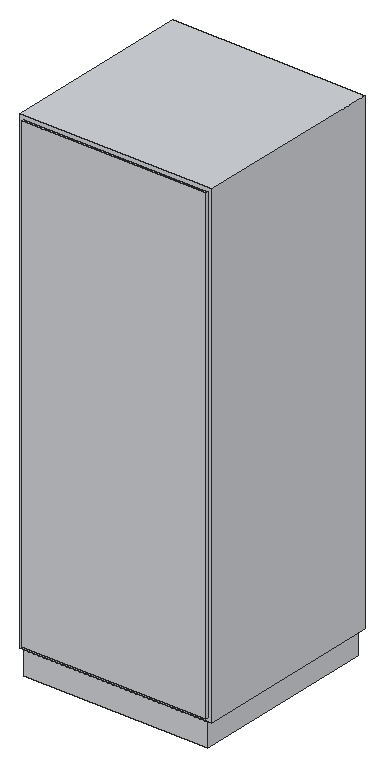
Revit family "EA_Schaltschrank_beidseitig_V1700", category Elektrische Ausstattung, Revit 2017
Family settings
  Schalttafelkonfiguration = 2 Spalten, Stromkreise nach rechts
  Bemaßung runder Anschluss = Durchmesser verwenden
  Teiletyp = Verteilerkasten
  OmniClass-Nummer = 23.80.30.11.17
  OmniClass-Titel = Distribution Boards and Control Panels
  Arbeitsebenenbasiert = Nein
  Immer vertikal = Ja
  Beim Laden mit Abzugskörper schneiden = Ja
  Gemeinsam genutzt = Nein
  Raumberechnungspunkt = Nein
Parameters (values of type "GHV")
  pbr_Material_KZ = ""
  pbr_Material = none
  pbr_E_Typ = ""
  pbr_E_KZ = ""
  pbr_DINBild = 0
  pbr_Bild = 0
  magenta schraffiert = no
  cpiFitMatchKey [instance] = "E-SS"  # constant formula
  Wirkleistung [instance] = 0 W
  built-in parameter 1140083 [instance] = "STahl"
  Türstärke = 10 mm
  Türhalbbreite [instance] = (Tiefe - 2 * Kante) / 2  # 385 mm
  Türbreite [instance] = if(Tiefe > 1199 mm, Türhalbbreite, Tiefe - 2 * Kante)  # 770 mm
  Typ [instance] = ""
  built-in parameter 1140086 [instance] = "-"
  Tiefe [instance] = 800 mm
  Text3 [instance] = ""
  Text2 [instance] = ""
  Text1 [instance] = ""
  built-in parameter 1140085 [instance] = "UV"
  Spannung Phase zu Phase [instance] = 400 V
  Voltage = ""
  Sockeltiefe [instance] = Tiefe - 15 mm  # 785 mm
  grün schraffiert = no
  Sockel [instance] = 100 mm
  Scheinleistung [instance] = 0 VA
  Scheinlast [instance] = 0 VA
  Polig [instance] = 1
  Planungsbüro Rohling = "www.pbr.de"
  built-in parameter 1140082 [instance] = 100 (stored number, unit not read)
  blau schraffiert = yes
  Menge(Dosenzahl) [instance] = 0
  built-in parameter 1140079 [instance] = 42
  schwarz schraffiert = no
  braun schraffiert = no
  Linie/Anschluss [instance] = ""
  Leistungsfaktor [instance] = 0
  Lastklassifizierung [instance] = none
  Kante = 15 mm
  Kabeltrassen Anschlusshöhe [instance] = 100 mm
  Kabeltrasse Anschlussbreite [instance] = 400 mm
  Installationsart [instance] = ""
  built-in parameter 1140081 [instance] = "Freistehend"
  Info [instance] = ""
  Höhe [instance] = 2000 mm
  Gewerk [instance] = "UV"
  Panel Name [instance] = "Schaltschrank"
  violett schraffiert = no
  Breite [instance] = 800 mm
  rot schraffiert = no
  Anlaufstrom [instance] = 0
Reference planes
  plane 1 "Mitte (Vorne/Hinten)": y = 0
  plane 2: z = 0
  plane 3 "Mitte (Links/Rechts)": x = -100
  plane 4: y = 800
  plane 5: x = -900
  plane 6: x = -100
  plane 7 "Niveau": z = 100
  plane 8: z = 2100
  plane 9: y = 350
  plane 10: y = -50
  plane 11: y = 400
  plane 12: y = 810
  plane 13: x = -885
  plane 14: x = -115
  plane 15: z = 2085
  plane 16: z = 115
  plane 17: y = 373.049
  plane 18: y = 1570
  plane 19: x = -125
  plane 20: x = -875
Forms (mm)
  Extrusion 1, solid
    sketch origin (-17.916, -2.559, 0) x (1, 0, 0) y (0, 1, 0)
      loop
        line (-882.084, 2.559) -> (-82.084, 2.559) -> (-82.084, 802.559) -> (-882.084, 802.559) -> (-882.084, 2.559)
    from 100 to 2100
  Extrusion 2, solid
    sketch origin (0, 0, 0) x (1, 0, 0) y (0, 1, 0)
      loop
        line (-885, 810) -> (-885, 800) -> (-115, 800) -> (-115, 810) -> (-885, 810)
    from 115 to 2085
  Extrusion 3, solid
    sketch origin (0, 0, 0) x (1, 0, 0) y (0, 1, 0)
      loop
        line (-885, 785) -> (-885, 0) -> (-115, 0) -> (-115, 785) -> (-885, 785)
    from 0 to 100
  Extrusion 4, solid
    sketch origin (0, -810, 0) x (1, 0, 0) y (0, 1, 0)
      loop
        line (-885, 810) -> (-885, 800) -> (-115, 800) -> (-115, 810) -> (-885, 810)
    from 115 to 2085
Dimensions and locks
  plane 5 to plane 6 to plane 3 "Mitte (Links/Rechts)" = 800 mm, 0 mm
  "Tiefe": plane 4 to plane 1 "Mitte (Vorne/Hinten)"
  "Breite": plane 5 to plane 6
  "Höhe": plane 8 to plane 7 "Niveau"
  "Sockel": plane 7 "Niveau" to level
  Extrusion 1 to plane 3 "Mitte (Links/Rechts)" = 0 mm
  equal spacing: plane 4, plane 11, plane 1 "Mitte (Vorne/Hinten)"
  plane 4 to plane 11 to plane 9 to plane 1 "Mitte (Vorne/Hinten)" to plane 10 = 400 mm, 50 mm, 350 mm, 50 mm
  "Kante": plane 5 to plane 13
  "Kante": plane 14 to plane 6
  "Türstärke": plane 12 to plane 4
  "Kante": plane 7 "Niveau" to plane 16
  "Kante": plane 15 to plane 8
  "Türstärke": plane 19 to plane 14
  "Türbreite": plane 18 to plane 4
  "Türstärke": plane 13 to plane 20
  "Sockeltiefe": plane 1 "Mitte (Vorne/Hinten)" to Extrusion 3
  aligned and locked: level to plane 2
  aligned and locked: plane 6 to Extrusion 1
  aligned and locked: plane 1 "Mitte (Vorne/Hinten)" to Extrusion 1
  aligned and locked: plane 4 to Extrusion 1
  aligned and locked: Extrusion 1 to plane 5
  aligned and locked: Extrusion 1 to plane 7 "Niveau"
  aligned and locked: plane 8 to Extrusion 1
  aligned and locked: Extrusion 2 sketch curve to plane 14
  aligned and locked: Extrusion 2 sketch curve to plane 12
  aligned and locked: plane 4 to Extrusion 2 sketch curve
  aligned and locked: plane 13 to Extrusion 2 sketch curve
  aligned and locked: Extrusion 2 to plane 15
  aligned and locked: Extrusion 2 to plane 16
  aligned and locked: Extrusion 3 sketch curve to plane 13
  aligned and locked: Extrusion 3 sketch curve to plane 1 "Mitte (Vorne/Hinten)"
  aligned and locked: Extrusion 3 sketch curve to plane 14
  aligned and locked: nested 3 to plane 11
  aligned and locked: plane 6 to nested 3
  aligned and locked: nested 6 to plane 11
  aligned and locked: plane 6 to nested 6
  aligned and locked: nested 5 to plane 11
  aligned and locked: plane 6 to nested 5
  aligned and locked: nested 1 to plane 11
  aligned and locked: plane 6 to nested 1
  aligned and locked: nested 2 to plane 11
  aligned and locked: plane 6 to nested 2
  aligned and locked: nested 4 to plane 11
  aligned and locked: plane 6 to nested 4
Automatic sketch dimensions
  Extrusion 1 sketch curve to plane 4 = 0 mm
  Extrusion 1 sketch curve to plane 5 = 0 mm
  Extrusion 1 sketch curve to plane 6 = 0 mm
  plane 1 "Mitte (Vorne/Hinten)" to Extrusion 1 sketch curve = 0 mm
  Extrusion 3 sketch curve to plane 4 = 15 mm
  Extrusion 4 sketch curve to plane 13 = 0 mm
  Extrusion 4 sketch curve to plane 14 = 0 mm
  plane 1 "Mitte (Vorne/Hinten)" to Extrusion 4 sketch curve = 0 mm
  plane 1 "Mitte (Vorne/Hinten)" to Extrusion 4 sketch curve = 10 mm
Nested families
  nested 1: "Schaltschrank_2-Türen_rot" at (-100, 400, 0) x (0, 1, 0) z (0, 0, 1), Breite Schrank <- "Tiefe", Tiefe Schrank <- "Breite", visible <- "rot schraffiert", type "Schaltschrank_2-seitig_BMA"
    with Tiefe Schrank 800 mm, Breite Schrank 800 mm
  nested 2: "Schaltschrank_2-Türen_violett" at (-100, 400, 0) x (0, 1, 0) z (0, 0, 1), Breite Schrank <- "Tiefe", Tiefe Schrank <- "Breite", visible <- "violett schraffiert", type "Schaltschrank_2-seitig_EDV"
    with Tiefe Schrank 800 mm, Breite Schrank 800 mm
  nested 3: "Schaltschrank_2-Türen_blau" at (-100, 400, 0) x (0, 1, 0) z (0, 0, 1), Breite Schrank <- "Tiefe", Tiefe Schrank <- "Breite", visible <- "braun schraffiert", type "Schaltschrank_2-seitig_INSTA"
    with Tiefe Schrank 800 mm, Breite Schrank 800 mm
  nested 4: "Schaltschrank_2-Türen_schwarz" at (-100, 400, 0) x (0, 1, 0) z (0, 0, 1), Breite Schrank <- "Tiefe", Tiefe Schrank <- "Breite", visible <- "schwarz schraffiert", type "Schaltschrank_2-seitig_MSR"
    with Tiefe Schrank 800 mm, Breite Schrank 800 mm
  nested 5: "Schaltschrank_2-Türen_grün" at (-100, 400, 0) x (0, 1, 0) z (0, 0, 1), visible <- "grün schraffiert", Breite Schrank <- "Tiefe", Tiefe Schrank <- "Breite", type "Schaltschrank_2-seitig_SIBEL"
    with Tiefe Schrank 800 mm, Breite Schrank 800 mm
  nested 6: "Schaltschrank_2-Türen_magenta" at (-100, 400, 0) x (0, 1, 0) z (0, 0, 1), Breite Schrank <- "Tiefe", Tiefe Schrank <- "Breite", visible <- "magenta schraffiert", type "Schaltschrank_2-seitig_VMT"
    with Tiefe Schrank 800 mm, Breite Schrank 800 mm
  nested 7: "Schaltschrank_2-Türen_blau" at (-100, 0, 0) x (0, 1, 0) z (0, 0, 1), visible <- "blau schraffiert", type "Schaltschrank_2-seitig_INSTA"
    with Tiefe Schrank 800 mm, Breite Schrank 800 mm
Connectors
  cabletrayconduit at (-500, 392.5, 100), diameter 600, driven by "Kabeltrasse Anschlussbreite", driven by "Kabeltrassen Anschlusshöhe"
    settings: on Extrusion 3, index 1, connector width 400 mm, connector height 100 mm, connector angle 0.00°, system type 32, placement type 0, profile type 1, connector reference index -1, is primary connector yes, connector utility param no, connector description ""
  electrical at (-500, 400, 2100), driven by "Spannung Phase zu Phase"
    settings: on Extrusion 1, index 2, voltage 400 V, apparent load 0 VA, apparent load phase1 0 VA, apparent load phase2 0 VA, apparent load phase3 0 VA, power factor 1, load classification "Energie", number of poles 3, system type 31, power factor state 1, is connector primary yes, connector utility yes, sub classification motor no, connector description ""
Definition of nested family "Schaltschrank_2-Türen_rot"
  Parameters (values of type "Schaltschrank_2-Türen_rot")
    Tiefe Schrank [instance] = 600 mm
    Breite Schrank [instance] = 600 mm
  Reference planes
    plane 1 "Mitte (Vorne/Hinten)": y = 0
    plane 2: z = 0
    plane 3 "Mitte (Links/Rechts)": x = 0
    plane 4: x = -300
    plane 5: x = 300
    plane 6: y = 600
  Lines and regions (mm)
    Filled region 1, type "Beton", in view "Referenzebene"
      outline origin (0, 0, 0) x (1, 0, 0) y (0, 1, 0)
        loop
          line (-300, 0) -> (300, 0) -> (300, 600) -> (-300, 0)
    detail lines, in view "Referenzebene"
      curve 1: line (-300, 600, 0) -> (300, 600, 0)
      curve 2: line (-300, 0, 0) -> (-300, 600, 0)
      curve 3: line (300, 0, 0) -> (-300, 0, 0)
      curve 4: line (300, 600, 0) -> (300, 0, 0)
      curve 5: arc (-300, 600, 0) -> (-724.264, 424.264, 0) -> (-900, 0, 0) r 600
      curve 6: arc (300, 600, 0) -> (724.264, 424.264, 0) -> (900, 0, 0) r 600
      curve 7: line (-900, 0, 0) -> (-300, 0, 0)
      curve 8: line (300, 0, 0) -> (900, 0, 0)
  Dimensions and locks
    "Tiefe Schrank": plane 6 to plane 1 "Mitte (Vorne/Hinten)"
    equal spacing: plane 4, plane 3 "Mitte (Links/Rechts)", plane 5
    "Breite Schrank": plane 4 to plane 5
    aligned and locked: curve 3 to plane 1 "Mitte (Vorne/Hinten)"
    aligned and locked: plane 4 to curve 2
    aligned and locked: curve 4 to plane 5
    aligned and locked: curve 1 to plane 6
    aligned and locked: curve 3 to Filled region 1 sketch curve
    aligned and locked: curve 1 to Filled region 1 sketch curve
    aligned and locked: Filled region 1 sketch curve to curve 4
    aligned and locked: Filled region 1 sketch curve to curve 3
  Automatic sketch dimensions
    Filled region 1 sketch curve to plane 4 = 0 mm
    plane 1 "Mitte (Vorne/Hinten)" to curve 8 = 0 mm
Definition of nested family "Schaltschrank_2-Türen_violett"
  Parameters (values of type "Schaltschrank_2-Türen_violett")
    Tiefe Schrank [instance] = 600 mm
    Breite Schrank [instance] = 600 mm
  Reference planes
    plane 1 "Mitte (Vorne/Hinten)": y = 0
    plane 2: z = 0
    plane 3 "Mitte (Links/Rechts)": x = 0
    plane 4: x = -300
    plane 5: x = 300
    plane 6: y = 600
  Lines and regions (mm)
    Filled region 1, type "Beton", in view "Referenzebene"
      outline origin (0, 0, 0) x (1, 0, 0) y (0, 1, 0)
        loop
          line (-300, 0) -> (300, 0) -> (300, 600) -> (-300, 0)
    detail lines, in view "Referenzebene"
      curve 1: line (-300, 600, 0) -> (300, 600, 0)
      curve 2: line (-300, 0, 0) -> (-300, 600, 0)
      curve 3: line (300, 0, 0) -> (-300, 0, 0)
      curve 4: line (300, 600, 0) -> (300, 0, 0)
      curve 5: arc (-300, 600, 0) -> (-724.264, 424.264, 0) -> (-900, 0, 0) r 600
      curve 6: arc (300, 600, 0) -> (724.264, 424.264, 0) -> (900, 0, 0) r 600
      curve 7: line (-900, 0, 0) -> (-300, 0, 0)
      curve 8: line (300, 0, 0) -> (900, 0, 0)
  Dimensions and locks
    "Tiefe Schrank": plane 6 to plane 1 "Mitte (Vorne/Hinten)"
    equal spacing: plane 4, plane 3 "Mitte (Links/Rechts)", plane 5
    "Breite Schrank": plane 4 to plane 5
    aligned and locked: curve 3 to plane 1 "Mitte (Vorne/Hinten)"
    aligned and locked: plane 4 to curve 2
    aligned and locked: curve 4 to plane 5
    aligned and locked: curve 1 to plane 6
    aligned and locked: curve 3 to Filled region 1 sketch curve
    aligned and locked: curve 1 to Filled region 1 sketch curve
    aligned and locked: Filled region 1 sketch curve to curve 4
    aligned and locked: Filled region 1 sketch curve to curve 3
  Automatic sketch dimensions
    Filled region 1 sketch curve to plane 4 = 0 mm
    plane 1 "Mitte (Vorne/Hinten)" to curve 8 = 0 mm
Definition of nested family "Schaltschrank_2-Türen_blau"
  Parameters (values of type "Schaltschrank_2-Türen_blau")
    Tiefe Schrank [instance] = 600 mm
    Breite Schrank [instance] = 600 mm
  Reference planes
    plane 1 "Mitte (Vorne/Hinten)": y = 0
    plane 2: z = 0
    plane 3 "Mitte (Links/Rechts)": x = 0
    plane 4: x = -300
    plane 5: x = 300
    plane 6: y = 600
  Lines and regions (mm)
    Filled region 1, type "Beton", in view "Referenzebene"
      outline origin (0, 0, 0) x (1, 0, 0) y (0, 1, 0)
        loop
          line (-300, 0) -> (300, 0) -> (300, 600) -> (-300, 0)
    detail lines, in view "Referenzebene"
      curve 1: line (-300, 600, 0) -> (300, 600, 0)
      curve 2: line (-300, 0, 0) -> (-300, 600, 0)
      curve 3: line (300, 0, 0) -> (-300, 0, 0)
      curve 4: line (300, 600, 0) -> (300, 0, 0)
      curve 5: arc (-300, 600, 0) -> (-724.264, 424.264, 0) -> (-900, 0, 0) r 600
      curve 6: arc (300, 600, 0) -> (724.264, 424.264, 0) -> (900, 0, 0) r 600
      curve 7: line (-900, 0, 0) -> (-300, 0, 0)
      curve 8: line (300, 0, 0) -> (900, 0, 0)
  Dimensions and locks
    "Tiefe Schrank": plane 6 to plane 1 "Mitte (Vorne/Hinten)"
    equal spacing: plane 4, plane 3 "Mitte (Links/Rechts)", plane 5
    "Breite Schrank": plane 4 to plane 5
    aligned and locked: curve 3 to plane 1 "Mitte (Vorne/Hinten)"
    aligned and locked: plane 4 to curve 2
    aligned and locked: curve 4 to plane 5
    aligned and locked: curve 1 to plane 6
    aligned and locked: curve 3 to Filled region 1 sketch curve
    aligned and locked: curve 1 to Filled region 1 sketch curve
    aligned and locked: Filled region 1 sketch curve to curve 4
    aligned and locked: Filled region 1 sketch curve to curve 3
  Automatic sketch dimensions
    Filled region 1 sketch curve to plane 4 = 0 mm
    plane 1 "Mitte (Vorne/Hinten)" to curve 8 = 0 mm
Definition of nested family "Schaltschrank_2-Türen_schwarz"
  Parameters (values of type "Schaltschrank_2-Türen_schwarz")
    Tiefe Schrank [instance] = 600 mm
    Breite Schrank [instance] = 600 mm
  Reference planes
    plane 1 "Mitte (Vorne/Hinten)": y = 0
    plane 2: z = 0
    plane 3 "Mitte (Links/Rechts)": x = 0
    plane 4: x = -300
    plane 5: x = 300
    plane 6: y = 600
  Lines and regions (mm)
    Filled region 1, type "Beton", in view "Referenzebene"
      outline origin (0, 0, 0) x (1, 0, 0) y (0, 1, 0)
        loop
          line (-300, 0) -> (300, 0) -> (300, 600) -> (-300, 0)
    detail lines, in view "Referenzebene"
      curve 1: line (-300, 600, 0) -> (300, 600, 0)
      curve 2: line (-300, 0, 0) -> (-300, 600, 0)
      curve 3: line (300, 0, 0) -> (-300, 0, 0)
      curve 4: line (300, 600, 0) -> (300, 0, 0)
      curve 5: arc (-300, 600, 0) -> (-724.264, 424.264, 0) -> (-900, 0, 0) r 600
      curve 6: arc (300, 600, 0) -> (724.264, 424.264, 0) -> (900, 0, 0) r 600
      curve 7: line (-900, 0, 0) -> (-300, 0, 0)
      curve 8: line (300, 0, 0) -> (900, 0, 0)
  Dimensions and locks
    "Tiefe Schrank": plane 6 to plane 1 "Mitte (Vorne/Hinten)"
    equal spacing: plane 4, plane 3 "Mitte (Links/Rechts)", plane 5
    "Breite Schrank": plane 4 to plane 5
    aligned and locked: curve 3 to plane 1 "Mitte (Vorne/Hinten)"
    aligned and locked: plane 4 to curve 2
    aligned and locked: curve 4 to plane 5
    aligned and locked: curve 1 to plane 6
    aligned and locked: curve 3 to Filled region 1 sketch curve
    aligned and locked: curve 1 to Filled region 1 sketch curve
    aligned and locked: Filled region 1 sketch curve to curve 4
    aligned and locked: Filled region 1 sketch curve to curve 3
  Automatic sketch dimensions
    Filled region 1 sketch curve to plane 4 = 0 mm
    plane 1 "Mitte (Vorne/Hinten)" to curve 8 = 0 mm
Definition of nested family "Schaltschrank_2-Türen_grün"
  Parameters (values of type "Schaltschrank_2-Türen_grün")
    Tiefe Schrank [instance] = 600 mm
    Breite Schrank [instance] = 600 mm
  Reference planes
    plane 1 "Mitte (Vorne/Hinten)": y = 0
    plane 2: z = 0
    plane 3 "Mitte (Links/Rechts)": x = 0
    plane 4: x = -300
    plane 5: x = 300
    plane 6: y = 600
  Lines and regions (mm)
    Filled region 1, type "Beton", in view "Referenzebene"
      outline origin (0, 0, 0) x (1, 0, 0) y (0, 1, 0)
        loop
          line (-300, 0) -> (300, 0) -> (300, 600) -> (-300, 0)
    detail lines, in view "Referenzebene"
      curve 1: line (-300, 600, 0) -> (300, 600, 0)
      curve 2: line (-300, 0, 0) -> (-300, 600, 0)
      curve 3: line (300, 0, 0) -> (-300, 0, 0)
      curve 4: line (300, 600, 0) -> (300, 0, 0)
      curve 5: arc (-300, 600, 0) -> (-724.264, 424.264, 0) -> (-900, 0, 0) r 600
      curve 6: arc (300, 600, 0) -> (724.264, 424.264, 0) -> (900, 0, 0) r 600
      curve 7: line (-900, 0, 0) -> (-300, 0, 0)
      curve 8: line (300, 0, 0) -> (900, 0, 0)
  Dimensions and locks
    "Tiefe Schrank": plane 6 to plane 1 "Mitte (Vorne/Hinten)"
    equal spacing: plane 4, plane 3 "Mitte (Links/Rechts)", plane 5
    "Breite Schrank": plane 4 to plane 5
    aligned and locked: curve 3 to plane 1 "Mitte (Vorne/Hinten)"
    aligned and locked: plane 4 to curve 2
    aligned and locked: curve 4 to plane 5
    aligned and locked: curve 1 to plane 6
    aligned and locked: curve 3 to Filled region 1 sketch curve
    aligned and locked: curve 1 to Filled region 1 sketch curve
    aligned and locked: Filled region 1 sketch curve to curve 4
    aligned and locked: Filled region 1 sketch curve to curve 3
  Automatic sketch dimensions
    Filled region 1 sketch curve to plane 4 = 0 mm
    plane 1 "Mitte (Vorne/Hinten)" to curve 8 = 0 mm
Definition of nested family "Schaltschrank_2-Türen_magenta"
  Parameters (values of type "Schaltschrank_2-Türen_magenta")
    Tiefe Schrank [instance] = 600 mm
    Breite Schrank [instance] = 600 mm
  Reference planes
    plane 1 "Mitte (Vorne/Hinten)": y = 0
    plane 2: z = 0
    plane 3 "Mitte (Links/Rechts)": x = 0
    plane 4: x = -300
    plane 5: x = 300
    plane 6: y = 600
  Lines and regions (mm)
    Filled region 1, type "Beton", in view "Referenzebene"
      outline origin (0, 0, 0) x (1, 0, 0) y (0, 1, 0)
        loop
          line (-300, 0) -> (300, 0) -> (300, 600) -> (-300, 0)
    detail lines, in view "Referenzebene"
      curve 1: line (-300, 600, 0) -> (300, 600, 0)
      curve 2: line (-300, 0, 0) -> (-300, 600, 0)
      curve 3: line (300, 0, 0) -> (-300, 0, 0)
      curve 4: line (300, 600, 0) -> (300, 0, 0)
      curve 5: arc (-300, 600, 0) -> (-724.264, 424.264, 0) -> (-900, 0, 0) r 600
      curve 6: arc (300, 600, 0) -> (724.264, 424.264, 0) -> (900, 0, 0) r 600
      curve 7: line (-900, 0, 0) -> (-300, 0, 0)
      curve 8: line (300, 0, 0) -> (900, 0, 0)
  Dimensions and locks
    "Tiefe Schrank": plane 6 to plane 1 "Mitte (Vorne/Hinten)"
    equal spacing: plane 4, plane 3 "Mitte (Links/Rechts)", plane 5
    "Breite Schrank": plane 4 to plane 5
    aligned and locked: curve 3 to plane 1 "Mitte (Vorne/Hinten)"
    aligned and locked: plane 4 to curve 2
    aligned and locked: curve 4 to plane 5
    aligned and locked: curve 1 to plane 6
    aligned and locked: curve 3 to Filled region 1 sketch curve
    aligned and locked: curve 1 to Filled region 1 sketch curve
    aligned and locked: Filled region 1 sketch curve to curve 4
    aligned and locked: Filled region 1 sketch curve to curve 3
  Automatic sketch dimensions
    Filled region 1 sketch curve to plane 4 = 0 mm
    plane 1 "Mitte (Vorne/Hinten)" to curve 8 = 0 mm
